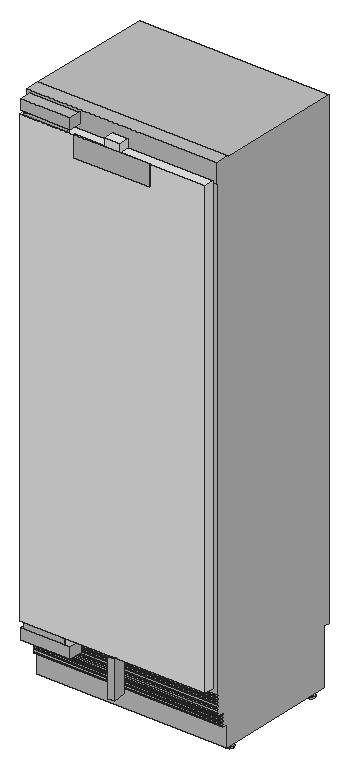
Revit family "FP_Revit_18_RS3084SLK1_Fridge_90001077A", category Specialty Equipment, Revit 2018
Family settings
  Round Connector Dimension = Use Diameter
  Part Type = Normal
  OmniClass Number = 23.40.40.11.11
  OmniClass Title = Refrigerators and Freezers
  Work Plane-Based = No
  Always vertical = Yes
  Cut with Voids When Loaded = Yes
  Shared = No
  Room Calculation Point = No
Parameters (values of type "RS3084SLHK1")
  Visibility - Water Connection = yes
  Visibility - Visibility Control Note = yes
  Visibility - Clearance Required = yes
  URL = "www.fisherpaykel.com"
  Stainless Steel Door Panels (RD3484L4D) = no
  Product - Width = 756 mm  # constant formula
  Product - Height = 2134 mm  # constant formula
  Product - Depth (exl front panel) = 610 mm  # constant formula
  Model = "RS3084SLHK1"
  Material - Handle = Fisher & Paykel - Aluminium
  Material - Door Structure = Fisher & Paykel - White
  Material - Door Front = Fisher & Paykel - Stainless Steel
  Material - Body = Fisher & Paykel - Grey
  Manufacturer = "Fisher & Paykel Appliances"
  Handle Style - Professional Square (AHV2-RD84) = no
  Handle Style - Professional Round (AHC-RD84) = no
  Handle Style - Contemporary Square (AHD3-RD84) = no
  Handle Style - Contemporary Round (AHS-RD84) = no
  Description = "30\" Integrated Column Refrigerator with internal internal water, stainless steel interior"
  Connector Description - Water = "1/4\" (6mm) comp. stainless steel braided hose"
  Connector Description - Electrical = "120 V, 10 amp fused electrical supply"
  Cavity - Width = 762 mm  # constant formula
  Cavity - Height = 2134 mm  # constant formula
  Cavity - Depth = 635 mm  # constant formula
Types (4, lengths in mm): name | Visibility - Water Connection | Model | Description | Connector Description - Water
  (no name) | yes | "RS3084SLHK1" | "30\" Integrated Column Refrigerator with internal internal water, stainless steel interior" | "1/4\" (6mm) comp. stainless steel braided hose"
  RS3084SLK1 | no | "RS3084SLK1" | "30\" Integrated Column Refrigerator with stainless steel interior" | "Water Supply not required"
  RS3084SLHK1 | yes | "RS3084SLHK1" | "30\" Integrated Column Refrigerator with internal internal water, stainless steel interior" | "1/4\" (6mm) comp. stainless steel braided hose"
  RS3084SL1 | no | "RS3084SL1" | "30\" Integrated Column Refrigerator" | "Water Supply not required"
Reference planes
  plane 1 "Datum": y = 0
  plane 2: z = 0
  plane 3 "Center (Left/Right)": x = 0
  plane 4 "Product LHS": x = -378
  plane 5 "Product RHS": x = 378
  plane 6 "Product - Depth": y = 610
  plane 7 "Cavity LHS": x = -381
  plane 8 "Cavity RHS": x = 381
  plane 9 "Cavity - Depth": y = 612.9
  plane 10 "Handle Offset": x = 315
  plane 11 "Product Height": z = 2134
  plane 12 "Cavity Height": z = 2134
  plane 13 "Door Panel Datum": y = -4.1
Forms (mm)
  Extrusion 1, solid, material "Fisher & Paykel - Grey" <- "Material - Body", detail levels fine
    sketch origin (0, 0, 0) x (0, 1, 0) y (0, 0, 1)
      loop
        line (100.1, 19.1) -> (587.9, 19.1) -> (587.9, 239.7) -> (610, 239.7) -> (610, 2131.9) -> (105.1, 2131.9) -> (105.1, 2134) -> (49.9, 2134) -> (49.9, 2059) -> (56, 2059) -> (56, 228.6) -> (59.5, 228.6) -> (59.5, 219.7) -> (56.5, 219.7) -> (56.5, 215.9) -> (59.5, 215.9) -> (59.5, 207) -> (56.5, 207) -> (56.5, 203.2) -> (59.5, 203.2) -> (59.5, 194.3) -> (56.5, 194.3) -> (56.5, 190.5) -> (59.5, 190.5) -> (59.5, 181.6) -> (56.5, 181.6) -> (56.5, 177.8) -> (59.5, 177.8) -> (59.5, 168.9) -> (56.5, 168.9) -> (56.5, 165.1) -> (59.5, 165.1) -> (59.5, 156.2) -> (56.5, 156.2) -> (56.5, 152.4) -> (84.1, 152.4) -> (84.1, 143.5) -> (81.1, 143.5) -> (81.1, 139.7) -> (84.1, 139.7) -> (84.1, 130.8) -> (81.1, 130.8) -> (81.1, 127) -> (84.1, 127) -> (84.1, 118.1) -> (81.1, 118.1) -> (81.1, 114.3) -> (84.1, 114.3) -> (84.1, 105.4) -> (81.1, 105.4) -> (81.1, 101.6) -> (100.1, 101.6) -> (100.1, 19.1)
    from -378 to 378
  Extrusion 2, solid, material "Fisher & Paykel - Grey" <- "Material - Body"
    sketch origin (0, 0, 0) x (1, 0, 0) y (0, 1, 0)
      loop
        circle (-357.5, 547.8) r 4.1
      loop
        circle (-357.5, 141.8) r 4.1
      loop
        circle (357.5, 547.8) r 4.1
      loop
        circle (357.5, 141.8) r 4.1
    from 3 to 19.1
  Extrusion 3, solid, material "Fisher & Paykel - Grey" <- "Material - Body"
    sketch origin (0, 0, 0) x (1, 0, 0) y (0, 1, 0)
      loop
        circle (-357.5, 547.8) r 14.5
      loop
        circle (-357.5, 141.8) r 14.555
      loop
        circle (357.5, 547.8) r 14.5
      loop
        circle (357.5, 141.8) r 14.555
    from 0 to 3
  Extrusion 4, solid, material "Fisher & Paykel - Grey" <- "Material - Body", detail levels fine
    sketch origin (0, 0, 0) x (1, 0, 0) y (0, 1, 0)
      loop
        line (-7.5, 49) -> (-13.797, -4.1) -> (13.797, -4.1) -> (7.5, 49) -> (-7.5, 49)
    from 104.2 to 254.2
  Extrusion 5, solid, material "Fisher & Paykel - Grey" <- "Material - Body", detail levels fine
    sketch origin (0, 0, 0) x (0, 1, 0) y (0, 0, 1)
      loop
        line (0, 2070.6) -> (0, 1988.6) -> (2, 1988.6) -> (2, 2068.6) -> (4, 2068.6) -> (4, 2070.6) -> (0, 2070.6)
    from -150 to 150
  Extrusion 6, solid, material "Fisher & Paykel - Grey" <- "Material - Body"
    sketch origin (0, 0, 0) x (1, 0, 0) y (0, 0, 1)
      loop
        circle (303, 119.813) r 5
      loop
        circle (-303, 119.813) r 5
    from -590 to -587.9
  Extrusion 7, solid, material "Fisher & Paykel - White" <- "Material - Door Structure"
    sketch origin (0, 0, 0) x (1, 0, 0) y (0, 1, 0)
      loop
        line (-353, 56) -> (-353, 42) -> (353, 42) -> (353, 56) -> (-353, 56)
    from 269.6 to 2030.7
  Extrusion 8, solid, material "Fisher & Paykel - White" <- "Material - Door Structure"
    sketch origin (0, 0, 0) x (1, 0, 0) y (0, 1, 0)
      loop
        line (-369.4, 42) -> (-369.4, 3) -> (369.4, 3) -> (369.4, 42) -> (-369.4, 42)
    from 254.2 to 2068.6
  Extrusion 9, solid, material "Fisher & Paykel - White" <- "Material - Door Structure", detail levels fine
    sketch origin (0, 0, 0) x (1, 0, 0) y (0, 0, 1)
      loop
        line (-29.5, 2100.1) -> (-29.5, 2068.6) -> (29.5, 2068.6) -> (29.5, 2100.1) -> (-29.5, 2100.1)
    from -42 to -3
  Extrusion 10, solid, material "Fisher & Paykel - Stainless Steel" <- "Material - Door Front", visible <- "Stainless Steel Door Panels (RD3484L4D)"
    sketch origin (0, 0, 0) x (0, 1, 0) y (0, 0, 1)
      loop
        line (-22.1, 2130.8) -> (-22.1, 102) -> (-4.1, 102) -> (-4.1, 2130.8) -> (-22.1, 2130.8)
    from -378 to 378
  Extrusion 11, solid, material "Fisher & Paykel - Grey" <- "Material - Body", detail levels coarse+medium
    sketch origin (0, 0, 0) x (0, 1, 0) y (0, 0, 1)
      loop
        line (49.9, 2134) -> (49.9, 2059) -> (56, 2059) -> (56, 152.4) -> (81.1, 152.4) -> (81.1, 101.6) -> (100.1, 101.6) -> (100.1, 19.1) -> (587.9, 19.1) -> (587.9, 239.7) -> (610, 239.7) -> (610, 2134) -> (49.9, 2134)
    from -378 to 378
  Extrusion 12, solid, material "Fisher & Paykel - Grey" <- "Material - Body", detail levels fine
    sketch origin (0, 0, 0) x (-1, 0, 0) y (0, 0, -1)
      loop
        line (366.4, -187.65) -> (168.42, -187.65) -> (168.42, -229.75) -> (366.4, -229.75) -> (366.4, -187.65)
    from -56 to -2.5
  Extrusion 13, solid, material "Fisher & Paykel - Grey" <- "Material - Body", detail levels fine
    sketch origin (0, 0, 0) x (-1, 0, 0) y (0, 0, -1)
      loop
        line (366.4, -2123.15) -> (366.4, -2081.05) -> (168.42, -2081.05) -> (168.42, -2123.15) -> (366.4, -2123.15)
    from -49 to -2.5
  Extrusion 14, solid, material "Fisher & Paykel - Grey" <- "Material - Body", detail levels fine
    sketch origin (0, 0, -4) x (0, 1, 0) y (0, 0, 1)
      loop
        arc (163.888, 23.1) -> (180.4, 13.63) -> (196.912, 23.1) r 19.13
        line (196.912, 23.1) -> (163.888, 23.1)
      loop
        arc (493.888, 23.1) -> (510.4, 13.63) -> (526.912, 23.1) r 19.13
        line (526.912, 23.1) -> (493.888, 23.1)
    from 191 to 219
  Extrusion 15, solid, material "Fisher & Paykel - Grey" <- "Material - Body", detail levels fine
    sketch origin (0, 0, -4) x (0, 1, 0) y (0, 0, -1)
      loop
        line (163.888, -23.1) -> (196.912, -23.1)
        arc (196.912, -23.1) -> (180.4, -13.63) -> (163.888, -23.1) r 19.13
      loop
        line (493.888, -23.1) -> (526.912, -23.1)
        arc (526.912, -23.1) -> (510.4, -13.63) -> (493.888, -23.1) r 19.13
    from 191 to 219
  Extrusion 16, solid, material "Fisher & Paykel - Clearance Required", visible <- "Visibility - Clearance Required", detail levels coarse
    sketch origin (0, 0, 0) x (1, 0, 0) y (0, 1, 0)
      loop
        line (-381, 612.9) -> (-381, -4.1) -> (381, -4.1) -> (381, 612.9) -> (-381, 612.9)
    from 0 to 2134
  Extrusion 17, void
    sketch origin (0, 0, 0) x (1, 0, 0) y (0, 1, 0)
      loop
        line (-381, 612.9) -> (-381, -22.1) -> (381, -22.1) -> (381, 612.9) -> (-381, 612.9)
    from 0 to 2134
  Extrusion 18, solid, material "Fisher & Paykel - Grey" <- "Material - Body", detail levels fine
    sketch origin (-73, 0, 0) x (-1, 0, 0) y (0, 0, -1)
      loop
        line (118.4, -254.2) -> (282.9, -254.2) -> (282.9, -229.75) -> (118.4, -229.75) -> (118.4, -254.2)
      loop
        line (106, -2081.05) -> (242.9, -2081.05) -> (282.9, -2076.05) -> (282.9, -2068.6) -> (106, -2068.6) -> (106, -2081.05)
    from -7 to -4
  Extrusion 19, solid, material "Fisher & Paykel - Clearance Required", visible <- "Visibility - Clearance Required", detail levels coarse
    sketch origin (0, 0, 0) x (-1, 0, 0) y (0, -1, 0)
      loop
        line (301.5, 22.1) -> (378, 22.1)
        arc (378, 22.1) -> (380.992, 57.074) -> (415.915, 60.616) r 27.5
        line (415.915, 60.616) -> (697.006, 665.395) -> (723.252, 653.196)
        arc (723.252, 653.196) -> (747.815, 662.136) -> (738.875, 686.699) r 18.483
        line (738.875, 686.699) -> (712.602, 698.95) -> (734.604, 746.289)
        arc (734.604, 746.289) -> (-22.015, 691.951) -> (-378, 22.1) r 783.517
        line (-378, 22.1) -> (301.5, 22.1)
    from 0 to 2134
Lines and regions (mm)
  model lines, style "Fisher & Paykel"
    curve 1: line (-378, -4.1, 2130.8) -> (378, -4.1, 2130.8)
    curve 2: line (-378, -4.1, 102) -> (-378, -4.1, 2130.8)
    curve 3: line (378, -4.1, 102) -> (-378, -4.1, 102)
    curve 4: line (378, -4.1, 2130.8) -> (378, -4.1, 102)
Text (mm)
  text "Due to ongoing product development, product details are subject to change without notice. \nPlease always refer to www.fisherpaykel.com for the most current product information. \n© Fisher & Paykel 2020" at (41.04, -848.295, 0), in view "Ref. Level (Plan)"
Dimensions and locks
  equal spacing: plane 4 "Product LHS", plane 3 "Center (Left/Right)", plane 5 "Product RHS"
  "Product - Width": plane 4 "Product LHS" to plane 5 "Product RHS"
  "Product - Depth (exl front panel)": plane 1 "Datum" to plane 6 "Product - Depth"
  equal spacing: plane 7 "Cavity LHS", plane 3 "Center (Left/Right)", plane 8 "Cavity RHS"
  "Cavity - Width": plane 7 "Cavity LHS" to plane 8 "Cavity RHS"
  plane 4 "Product LHS" to Extrusion 2 sketch curve = 24.6 mm
  plane 4 "Product LHS" to plane 10 "Handle Offset" = 693 mm
  Extrusion 6 sketch curve to Extrusion 1 = 119.887 mm  (x2)
  Extrusion 6 sketch curve to plane 5 "Product RHS" = 75 mm
  plane 4 "Product LHS" to Extrusion 6 sketch curve = 75 mm
  Extrusion 1 sketch curve to Extrusion 1 sketch curve = 82.5 mm
  Extrusion 1 sketch curve to Extrusion 1 sketch curve = 209.5 mm
  Extrusion 1 sketch curve to Extrusion 1 sketch curve = 220.6 mm
  Extrusion 3 to level = 3 mm
  Extrusion 11 to Extrusion 8 = 235.1 mm
  Extrusion 11 to Extrusion 7 = 250.5 mm
  Extrusion 11 to Extrusion 11 = 2114.9 mm
  Extrusion 11 to Extrusion 10 = 82.9 mm
  "Product - Height": level to plane 11 "Product Height"
  plane 11 "Product Height" to Extrusion 10 = 3.2 mm
  Extrusion 8 to plane 11 "Product Height" = 65.4 mm
  Extrusion 7 to plane 11 "Product Height" = 103.3 mm
  Extrusion 11 sketch curve to plane 11 "Product Height" = 75 mm
  Extrusion 1 sketch curve to plane 11 "Product Height" = 2.1 mm
  Extrusion 1 sketch curve to plane 11 "Product Height" = 75 mm
  "Cavity - Height": plane 12 "Cavity Height" to level
  plane 1 "Datum" to Extrusion 16 = 612.9 mm
  plane 1 "Datum" to Extrusion 17 = 612.9 mm
  Extrusion 18 sketch curve to Extrusion 18 sketch curve = 40 mm
  Extrusion 18 sketch curve to Extrusion 18 sketch curve = 176.9 mm
  plane 3 "Center (Left/Right)" to Extrusion 18 sketch curve = 179 mm
  plane 3 "Center (Left/Right)" to Extrusion 18 sketch curve = 191.4 mm
  plane 3 "Center (Left/Right)" to Extrusion 18 sketch curve = 355.9 mm
  plane 3 "Center (Left/Right)" to Extrusion 13 sketch curve = 168.42 mm
  plane 3 "Center (Left/Right)" to Extrusion 12 sketch curve = 168.42 mm
  plane 1 "Datum" to Extrusion 19 = 22.1 mm
  "Cavity - Depth": plane 9 "Cavity - Depth" to Extrusion 19
  plane 10 "Handle Offset" to plane 5 "Product RHS" = 63 mm
  radius of Extrusion 6 sketch curve = 5 mm
  aligned and locked: level to plane 2
  aligned and locked: Extrusion 10 to plane 5 "Product RHS"
  aligned and locked: plane 4 "Product LHS" to Extrusion 10
  aligned and locked: Extrusion 11 to plane 5 "Product RHS"
  aligned and locked: Extrusion 11 to plane 4 "Product LHS"
  aligned and locked: Extrusion 11 sketch curve to plane 11 "Product Height"
  aligned and locked: plane 11 "Product Height" to Extrusion 1 sketch curve
  aligned and locked: Extrusion 14 sketch curve to Extrusion 14 sketch curve
  aligned and locked: Extrusion 15 sketch curve to Extrusion 15 sketch curve
  aligned and locked: Extrusion 1 to plane 5 "Product RHS"
  aligned and locked: plane 4 "Product LHS" to Extrusion 1
  aligned and locked: Extrusion 11 sketch curve to Extrusion 1  (x4)
  aligned and locked: Extrusion 2 to Extrusion 1
  aligned and locked: nested 2 to plane 10 "Handle Offset"
  aligned and locked: nested 3 to plane 10 "Handle Offset"
  aligned and locked: nested 4 to plane 10 "Handle Offset"
  aligned and locked: nested 5 to plane 10 "Handle Offset"
Automatic sketch dimensions
  Extrusion 1 sketch curve to plane 6 "Product - Depth" = 0 mm
  Extrusion 1 sketch curve to Extrusion 1 sketch curve = 22.1 mm
  Extrusion 1 sketch curve to plane 1 "Datum" = 105.1 mm
  level to Extrusion 1 sketch curve = 19.1 mm
  Extrusion 1 sketch curve to plane 1 "Datum" = 100.1 mm
  Extrusion 1 sketch curve to Extrusion 1 sketch curve = 16 mm
  Extrusion 1 sketch curve to Extrusion 1 sketch curve = 0 mm  (x8)
  Extrusion 1 sketch curve to Extrusion 1 sketch curve = 3 mm  (x10)
  Extrusion 1 sketch curve to plane 1 "Datum" = 59.5 mm
  Extrusion 1 sketch curve to plane 1 "Datum" = 56 mm
  Extrusion 1 sketch curve to plane 1 "Datum" = 49.9 mm
  Extrusion 1 sketch curve to Extrusion 1 sketch curve = 3.8 mm  (x10)
  Extrusion 1 sketch curve to Extrusion 1 sketch curve = 8.9 mm  (x9)
  Extrusion 2 sketch curve to plane 4 "Product LHS" = 20.5 mm  (x2)
  plane 5 "Product RHS" to Extrusion 2 sketch curve = 20.5 mm  (x2)
  Extrusion 2 sketch curve to plane 1 "Datum" = 141.8 mm  (x2)
  Extrusion 2 sketch curve to plane 6 "Product - Depth" = 62.2 mm  (x2)
  Extrusion 3 sketch curve to plane 4 "Product LHS" = 20.5 mm  (x2)
  plane 5 "Product RHS" to Extrusion 3 sketch curve = 20.5 mm  (x2)
  Extrusion 3 sketch curve to plane 1 "Datum" = 141.8 mm  (x2)
  Extrusion 3 sketch curve to plane 6 "Product - Depth" = 62.2 mm  (x2)
  plane 1 "Datum" to Extrusion 4 sketch curve = 4.1 mm
  Extrusion 4 sketch curve to plane 3 "Center (Left/Right)" = 13.797 mm
  Extrusion 4 sketch curve to plane 3 "Center (Left/Right)" = 7.5 mm
  plane 3 "Center (Left/Right)" to Extrusion 4 sketch curve = 7.5 mm
  plane 3 "Center (Left/Right)" to Extrusion 4 sketch curve = 13.797 mm
  Extrusion 4 sketch curve to plane 1 "Datum" = 49 mm
  Extrusion 5 sketch curve to plane 1 "Datum" = 0 mm
  Extrusion 5 sketch curve to plane 1 "Datum" = 2 mm
  Extrusion 5 sketch curve to Extrusion 5 sketch curve = 2 mm  (x2)
  plane 11 "Product Height" to Extrusion 5 sketch curve = 145.4 mm
  plane 11 "Product Height" to Extrusion 5 sketch curve = 65.4 mm
  Extrusion 7 sketch curve to plane 4 "Product LHS" = 25 mm
  plane 5 "Product RHS" to Extrusion 7 sketch curve = 25 mm
  Extrusion 7 sketch curve to plane 1 "Datum" = 42 mm
  Extrusion 7 sketch curve to Extrusion 7 sketch curve = 14 mm
  Extrusion 8 sketch curve to plane 1 "Datum" = 3 mm
  Extrusion 8 sketch curve to plane 4 "Product LHS" = 8.6 mm
  plane 5 "Product RHS" to Extrusion 8 sketch curve = 8.6 mm
  Extrusion 8 sketch curve to Extrusion 8 sketch curve = 39 mm
  Extrusion 9 sketch curve to plane 3 "Center (Left/Right)" = 29.5 mm
  plane 3 "Center (Left/Right)" to Extrusion 9 sketch curve = 29.5 mm
  plane 11 "Product Height" to Extrusion 9 sketch curve = 65.4 mm
  Extrusion 9 sketch curve to Extrusion 9 sketch curve = 31.5 mm
  plane 1 "Datum" to Extrusion 10 sketch curve = 22.1 mm
  plane 1 "Datum" to Extrusion 10 sketch curve = 4.1 mm
  level to Extrusion 10 sketch curve = 102 mm
  plane 11 "Product Height" to Extrusion 10 sketch curve = 3.2 mm
  Extrusion 11 sketch curve to plane 6 "Product - Depth" = 0 mm
  Extrusion 11 sketch curve to plane 6 "Product - Depth" = 22.1 mm
  Extrusion 11 sketch curve to plane 1 "Datum" = 100.1 mm
  Extrusion 11 sketch curve to Extrusion 11 sketch curve = 19 mm
  Extrusion 11 sketch curve to plane 1 "Datum" = 56 mm
  Extrusion 11 sketch curve to plane 1 "Datum" = 49.9 mm
  Extrusion 11 sketch curve to Extrusion 11 sketch curve = 50.8 mm
  plane 4 "Product LHS" to Extrusion 12 sketch curve = 11.6 mm
  Extrusion 12 sketch curve to level = 187.65 mm
  Extrusion 12 sketch curve to Extrusion 12 sketch curve = 42.1 mm
  plane 4 "Product LHS" to Extrusion 13 sketch curve = 11.6 mm
  Extrusion 13 sketch curve to plane 11 "Product Height" = 52.95 mm
  Extrusion 13 sketch curve to plane 11 "Product Height" = 10.85 mm
  level to Extrusion 14 sketch curve = 19.1 mm
  Extrusion 14 sketch curve to plane 1 "Datum" = 163.888 mm
  Extrusion 14 sketch curve to Extrusion 14 sketch curve = 16.512 mm  (x2)
  Extrusion 14 sketch curve to plane 6 "Product - Depth" = 116.112 mm
  Extrusion 14 sketch curve to Extrusion 14 sketch curve = 9.66 mm  (x2)
  level to Extrusion 15 sketch curve = 19.1 mm
  Extrusion 15 sketch curve to plane 1 "Datum" = 163.888 mm
  Extrusion 15 sketch curve to Extrusion 15 sketch curve = 16.512 mm  (x2)
  Extrusion 15 sketch curve to plane 6 "Product - Depth" = 116.112 mm
  Extrusion 15 sketch curve to Extrusion 15 sketch curve = 9.66 mm  (x2)
  Extrusion 16 sketch curve to plane 7 "Cavity LHS" = 0 mm
  Extrusion 16 sketch curve to plane 8 "Cavity RHS" = 0 mm
  Extrusion 16 sketch curve to plane 9 "Cavity - Depth" = 0 mm
  plane 1 "Datum" to Extrusion 16 sketch curve = 4.1 mm
  Extrusion 17 sketch curve to plane 7 "Cavity LHS" = 0 mm
  Extrusion 17 sketch curve to plane 8 "Cavity RHS" = 0 mm
  plane 9 "Cavity - Depth" to Extrusion 17 sketch curve = 0 mm
  plane 1 "Datum" to Extrusion 17 sketch curve = 22.1 mm
  Extrusion 18 sketch curve to level = 229.75 mm
  Extrusion 18 sketch curve to Extrusion 18 sketch curve = 24.45 mm
  Extrusion 18 sketch curve to plane 11 "Product Height" = 65.4 mm
  Extrusion 18 sketch curve to Extrusion 18 sketch curve = 7.45 mm
  Extrusion 18 sketch curve to Extrusion 18 sketch curve = 5 mm
  Extrusion 19 sketch curve to plane 5 "Product RHS" = 0 mm
  Extrusion 19 sketch curve to plane 1 "Datum" = 22.1 mm
  plane 4 "Product LHS" to Extrusion 19 sketch curve = 76.5 mm
  plane 4 "Product LHS" to Extrusion 19 sketch curve = 0 mm
  Extrusion 19 sketch curve to plane 7 "Cavity LHS" = 19.59 mm
  Extrusion 19 sketch curve to Extrusion 19 sketch curve = 4.816 mm
  Extrusion 19 sketch curve to Extrusion 19 sketch curve = 10.509 mm
  Extrusion 19 sketch curve to plane 7 "Cavity LHS" = 316.006 mm
  Extrusion 19 sketch curve to Extrusion 19 sketch curve = 15.596 mm
  Extrusion 19 sketch curve to Extrusion 19 sketch curve = 26.246 mm
  Extrusion 19 sketch curve to Extrusion 19 sketch curve = 7.811 mm  (x2)
  Extrusion 19 sketch curve to Extrusion 19 sketch curve = 22.003 mm
  Extrusion 19 sketch curve to Extrusion 19 sketch curve = 13.185 mm
  Extrusion 19 sketch curve to Extrusion 19 sketch curve = 2.497 mm
  Extrusion 19 sketch curve to Extrusion 19 sketch curve = 93.093 mm
  Extrusion 19 sketch curve to Extrusion 19 sketch curve = 16.751 mm
  Extrusion 19 sketch curve to Extrusion 19 sketch curve = 12.251 mm
  plane 5 "Product RHS" to curve 1 = 0 mm
  plane 4 "Product LHS" to curve 3 = 0 mm
  level to curve 3 = 102 mm
  plane 11 "Product Height" to curve 2 = 3.2 mm
  radius of Extrusion 2 sketch curve = 4.1 mm  (x3)
  radius of Extrusion 3 sketch curve = 14.5 mm  (x2)
  radius of Extrusion 3 sketch curve = 14.555 mm  (x2)
  radius of Extrusion 6 sketch curve = 5 mm
Nested families
  nested 1: "Visibility Control Note 18" at (0, 0, 0), visible <- "Visibility - Visibility Control Note", type "Visibility Control Note 18"
  nested 2: "Handle Contemporary Round - Vertical" at (315, -22.1, 1242.58), visible <- "Handle Style - Contemporary Round (AHS-RD84)", type "AHS-RD84 - Contemporary round handle (Vertical) 852mm"
  nested 3: "Handle Contemporary Square - Vertical" at (315, -22.1, 1242.58), visible <- "Handle Style - Contemporary Square (AHD3-RD84)", type "AHD3-RD84 - Contemporary square handle (Vertical) 852mm"
  nested 4: "Handle Professional Round - Vertical" at (315, -22.1, 1242.58), visible <- "Handle Style - Professional Round (AHC-RD84)", type "AHC-RD84 - Professional round handle (Vertical) 786mm"
  nested 5: "Handle Professional Square - Vertical" at (315, -22.1, 1242.58), visible <- "Handle Style - Professional Square (AHV2-RD84)", type "AHV2-RD84 - Professional square handle (Vertical) 792mm"
Connectors
  electrical at (-303, 590, 119.813), driven by "Connector Description - Electrical"
    settings: on Extrusion 6, index 1, voltage 120 V, apparent load 0 VA, apparent load phase1 0 VA, apparent load phase2 0 VA, apparent load phase3 0 VA, power factor 1, load classification "Other", number of poles 1, system type 30, power factor state 1, is connector primary yes, connector utility no, sub classification motor no, connector description "120 V, 10 amp fused electrical supply"
  piping at (303, 590, 119.813), diameter 12.7, driven by "Visibility - Water Connection", driven by "Connector Description - Water"
    settings: on Extrusion 6, index 2, connector inside diameter 609.6 mm, connector length 0 mm, flow factor 0, pipe flow 0.0 L/s, pressure drop 0.0 Pa, fitting loss kfactor 0, connector angle 0.00°, fixture units 0, engagement length 0 mm, angle of deflection 0.00°, flow configuration 0, flow direction 1, fitting loss method 0, system type 20, joint type 0, gender type 0, connector reference index -1, connector utility 1, adjustable connector no, is connector primary yes, connector description "1/4\" (6mm) comp. stainless steel braided hose"
Definition of nested family "Handle Contemporary Round - Vertical"
  Parameters (values of type "AHSRS80A - Contemporary round handle (1 of 2) (Vertical) 727mm")
    URL = "www.fisherpaykel.com"
    Material - Handle = none
    Manufacturer = "Fisher & Paykel Appliances"
    Handle - Length = 727 mm
  Types (6, lengths in mm): name | Handle - Length
    AHS-RD21 - Contemporary round handle (Vertical) 852mm | 852
    AHSRD2484W - Contemporary round handle (1 of 2) (Vertical) 727mm | 727
    AHSRD3084W - Contemporary round handle (1 of 2) (Vertical) 727mm | 727
    AHS-RD84 - Contemporary round handle (Vertical) 852mm | 852
    AHSRS3272A - Contemporary round handle (1 of 2) (Vertical) 727mm | 727
    AHSRS80A - Contemporary round handle (1 of 2) (Vertical) 727mm | 727
  Reference planes
    plane 1 "Center (Front/Back)": y = 0
    plane 2: z = 0
    plane 3 "Center (Left/Right)": x = 0
    plane 4 "Top": z = 363.5
    plane 5 "Bottom": z = -363.5
    plane 6 "Top Standoff": z = 243.5
    plane 7 "Bottom Standoff": z = -243.5
  Forms (mm)
    Extrusion 1, solid, material <- "Material - Handle"
      sketch origin (0, 0, 0) x (1, 0, 0) y (0, 1, 0)
        loop
          circle (0, -32.3) r 8.7
      from -243.5 to 243.5
    Extrusion 2, solid, material <- "Material - Handle", detail levels fine
      sketch origin (0, 0, 0) x (1, 0, 0) y (0, 1, 0)
        loop
          line (-8.7, 0) -> (-8.7, -32.3)
          arc (-8.7, -32.3) -> (0, -41) -> (8.7, -32.3) r 8.7
          line (8.7, -32.3) -> (8.7, 0) -> (-8.7, 0)
      from 243.5 to 363.5
    Extrusion 3, solid, material <- "Material - Handle", detail levels fine
      sketch origin (0, 0, 0) x (1, 0, 0) y (0, 1, 0)
        loop
          line (-8.7, 0) -> (-8.7, -32.3)
          arc (-8.7, -32.3) -> (0, -41) -> (8.7, -32.3) r 8.7
          line (8.7, -32.3) -> (8.7, 0) -> (-8.7, 0)
      from -363.5 to -243.5
    Sweep 4, void
      path in 3D
        loop
          line (8.7, 0, -363.5) -> (8.7, -32.3, -363.5)
          arc (8.7, -32.3, -363.5) -> (0, -41, -363.5) -> (-8.7, -32.3, -363.5) r 8.7
          line (-8.7, -32.3, -363.5) -> (-8.7, 0, -363.5)
      profile origin (8.7, -16.15, -363.5) x (-1, 0, 0) y (0, 0, -1)
        loop
          line (0, 0) -> (0, -1) -> (1, 0) -> (0, 0)
    Sweep 5, void
      path in 3D
        loop
          line (-8.7, 0, 363.5) -> (-8.7, -32.3, 363.5)
          arc (-8.7, -32.3, 363.5) -> (0, -41, 363.5) -> (8.7, -32.3, 363.5) r 8.7
          line (8.7, -32.3, 363.5) -> (8.7, 0, 363.5)
      profile origin (8.7, -16.15, 363.5) x (-1, 0, 0) y (0, 0, 1)
        loop
          line (0, 0) -> (0, -1) -> (1, 0) -> (0, 0)
    Extrusion 6, solid, material <- "Material - Handle", detail levels coarse+medium
      sketch origin (0, 0, 0) x (1, 0, 0) y (0, 1, 0)
        loop
          line (-8.7, 0) -> (-8.7, -32.3)
          arc (-8.7, -32.3) -> (0, -41) -> (8.7, -32.3) r 8.7
          line (8.7, -32.3) -> (8.7, 0) -> (-8.7, 0)
      from 243.5 to 363.5
    Extrusion 7, solid, material <- "Material - Handle", detail levels coarse+medium
      sketch origin (0, 0, 0) x (1, 0, 0) y (0, 1, 0)
        loop
          line (-8.7, 0) -> (-8.7, -32.3)
          arc (-8.7, -32.3) -> (0, -41) -> (8.7, -32.3) r 8.7
          line (8.7, -32.3) -> (8.7, 0) -> (-8.7, 0)
      from -363.5 to -243.5
  Cuts and joins
    Sweep 4 cuts Extrusion 3
    Sweep 5 cuts Extrusion 2
  Lines and regions (mm)
    sketch lines
      curve 1: line (8.7, 0, -363.5) -> (8.7, -32.3, -363.5)
      curve 2: arc (-8.7, -32.3, -363.5) -> (0, -41, -363.5) -> (8.7, -32.3, -363.5) r 8.7
      curve 3: line (-8.7, -32.3, -363.5) -> (-8.7, 0, -363.5)
      curve 4: line (8.7, -32.3, 363.5) -> (8.7, 0, 363.5)
      curve 5: arc (8.7, -32.3, 363.5) -> (0, -41, 363.5) -> (-8.7, -32.3, 363.5) r 8.7
      curve 6: line (-8.7, 0, 363.5) -> (-8.7, -32.3, 363.5)
  Dimensions and locks
    equal spacing: plane 4 "Top", level, plane 5 "Bottom"
    "Handle - Length": plane 4 "Top" to plane 5 "Bottom"
    locked: plane 4 "Top" to plane 6 "Top Standoff" at 120
    locked: plane 7 "Bottom Standoff" to plane 5 "Bottom" at 120
    Extrusion 2 sketch curve to Extrusion 2 sketch curve = 17.4 mm
    Extrusion 3 sketch curve to Extrusion 3 sketch curve = 17.4 mm
    Extrusion 6 sketch curve to Extrusion 6 sketch curve = 17.4 mm
    Extrusion 7 sketch curve to Extrusion 7 sketch curve = 17.4 mm
    aligned and locked: level to plane 2
    aligned and locked: plane 4 "Top" to Extrusion 2
    aligned and locked: Extrusion 3 to plane 5 "Bottom"
    aligned and locked: plane 7 "Bottom Standoff" to Extrusion 3
    aligned and locked: Extrusion 1 to plane 7 "Bottom Standoff"
    aligned and locked: plane 6 "Top Standoff" to Extrusion 1
    aligned and locked: Extrusion 2 to Extrusion 1
    aligned and locked: Extrusion 6 to Extrusion 1
    aligned and locked: plane 4 "Top" to Extrusion 6
    aligned and locked: Extrusion 7 to Extrusion 1
    aligned and locked: Extrusion 7 to plane 5 "Bottom"
  Automatic sketch dimensions
    Extrusion 1 sketch curve to plane 3 "Center (Left/Right)" = 0 mm
    plane 1 "Center (Front/Back)" to Extrusion 1 sketch curve = 32.3 mm
    plane 1 "Center (Front/Back)" to Extrusion 2 sketch curve = 0 mm
    Extrusion 2 sketch curve to plane 3 "Center (Left/Right)" = 0 mm
    Extrusion 2 sketch curve to plane 3 "Center (Left/Right)" = 8.7 mm
    plane 1 "Center (Front/Back)" to Extrusion 2 sketch curve = 32.3 mm
    plane 1 "Center (Front/Back)" to Extrusion 3 sketch curve = 0 mm
    Extrusion 3 sketch curve to plane 3 "Center (Left/Right)" = 0 mm
    Extrusion 3 sketch curve to plane 3 "Center (Left/Right)" = 8.7 mm
    plane 1 "Center (Front/Back)" to Extrusion 3 sketch curve = 32.3 mm
    Sweep 4 sketch curve to profile plane = 0 mm  (x2)
    Sweep 4 sketch curve to profile plane = 1 mm  (x2)
    Sweep 5 sketch curve to profile plane = 0 mm  (x2)
    Sweep 5 sketch curve to profile plane = 1 mm  (x2)
    Extrusion 6 sketch curve to plane 3 "Center (Left/Right)" = 0 mm
    Extrusion 6 sketch curve to plane 3 "Center (Left/Right)" = 8.7 mm
    plane 1 "Center (Front/Back)" to Extrusion 6 sketch curve = 32.3 mm
    Extrusion 6 sketch curve to Extrusion 6 sketch curve = 32.3 mm
    Extrusion 7 sketch curve to plane 3 "Center (Left/Right)" = 0 mm
    Extrusion 7 sketch curve to plane 3 "Center (Left/Right)" = 8.7 mm
    plane 1 "Center (Front/Back)" to Extrusion 7 sketch curve = 32.3 mm
    Extrusion 7 sketch curve to Extrusion 7 sketch curve = 32.3 mm
    radius of Extrusion 1 sketch curve = 8.7 mm
Definition of nested family "Handle Contemporary Square - Vertical"
  Parameters (values of type "AHD3RS80A - Contemporary square handle (1 of 2) (Vertical) 727mm")
    URL = "www.fisherpaykel.com"
    Material - Handle = none
    Manufacturer = "Fisher & Paykel Appliances"
    Handle - Length = 727 mm
  Types (7, lengths in mm): name | Handle - Length
    (no name) | 727
    AHD3-RD21 - Contemporary square handle (Vertical) 852mm | 852
    AHD3RD2484W - Contemporary square handle (1 of 2) (Vertical) 727mm | 727
    AHD3RD3084W - Contemporary square handle (1 of 2) (Vertical) 727mm | 727
    AHD3-RD84 - Contemporary square handle (Vertical) 852mm | 852
    AHD3RS3272A - Contemporary square handle (1 of 2) (Vertical) 727mm | 727
    AHD3RS80A - Contemporary square handle (1 of 2) (Vertical) 727mm | 727
  Reference planes
    plane 1 "Center (Front/Back)": y = 0
    plane 2: z = 0
    plane 3 "Center (Left/Right)": x = 0
    plane 4 "Top": z = 363.5
    plane 5 "Bottom": z = -363.5
    plane 6 "Top Standoff": z = 243.5
    plane 7 "Bottom Standoff": z = -243.5
  Forms (mm)
    Extrusion 1, solid, material <- "Material - Handle", detail levels fine
      sketch origin (0, 0, 0) x (1, 0, 0) y (0, 1, 0)
        loop
          arc (-7.583, -28.701) -> (-7.89, -29.057) -> (-8, -29.514) r 1
          line (-8, -29.514) -> (-8, -40.5)
          arc (-8, -40.5) -> (-7.561, -41.561) -> (-6.5, -42) r 1.5
          line (-6.5, -42) -> (6.5, -42)
          arc (6.5, -42) -> (7.561, -41.561) -> (8, -40.5) r 1.5
          line (8, -40.5) -> (8, -29.487)
          arc (8, -29.487) -> (7.889, -29.029) -> (7.58, -28.673) r 1
          arc (7.58, -28.673) -> (-0.006, -26.256) -> (-7.583, -28.701) r 13.038
      from -363.5 to 363.5
    Extrusion 2, solid, material <- "Material - Handle", detail levels fine
      sketch origin (0, 0, 0) x (1, 0, 0) y (0, 1, 0)
        loop
          arc (7.058, -28.23) -> (7.466, -28.244) -> (7.674, -27.893) r 0.4
          line (7.674, -27.893) -> (7.674, 0) -> (-7.674, 0) -> (-7.674, -27.86)
          arc (-7.674, -27.86) -> (-7.467, -28.21) -> (-7.06, -28.198) r 0.4
          arc (-7.06, -28.198) -> (0.004, -26.156) -> (7.058, -28.23) r 13.136
      from 243.5 to 363.5
    Extrusion 3, solid, material <- "Material - Handle", detail levels fine
      sketch origin (0, 0, 0) x (1, 0, 0) y (0, 1, 0)
        loop
          arc (7.058, -28.23) -> (7.466, -28.244) -> (7.674, -27.893) r 0.4
          line (7.674, -27.893) -> (7.674, 0) -> (-7.674, 0) -> (-7.674, -27.86)
          arc (-7.674, -27.86) -> (-7.467, -28.21) -> (-7.06, -28.198) r 0.4
          arc (-7.06, -28.198) -> (0.004, -26.156) -> (7.058, -28.23) r 13.136
      from -363.5 to -243.5
    Sweep 4, void
      path in 3D
        loop
          line (-8, -29.514, 363.5) -> (-8, -40.5, 363.5)
          arc (-8, -40.5, 363.5) -> (-7.561, -41.561, 363.5) -> (-6.5, -42, 363.5) r 1.5
          line (-6.5, -42, 363.5) -> (6.5, -42, 363.5)
          arc (6.5, -42, 363.5) -> (7.561, -41.561, 363.5) -> (8, -40.5, 363.5) r 1.5
          line (8, -40.5, 363.5) -> (8, -29.487, 363.5)
      profile origin (8, -34.994, 363.5) x (-1, 0, 0) y (0, 0, 1)
        loop
          line (0, 0) -> (0, -1.3) -> (1.3, 0) -> (0, 0)
    Sweep 5, void
      path in 3D
        loop
          line (8, -29.487, -363.5) -> (8, -40.5, -363.5)
          arc (8, -40.5, -363.5) -> (7.561, -41.561, -363.5) -> (6.5, -42, -363.5) r 1.5
          line (6.5, -42, -363.5) -> (-6.5, -42, -363.5)
          arc (-6.5, -42, -363.5) -> (-7.561, -41.561, -363.5) -> (-8, -40.5, -363.5) r 1.5
          line (-8, -40.5, -363.5) -> (-8, -29.514, -363.5)
      profile origin (8, -34.994, -363.5) x (-1, 0, 0) y (0, 0, -1)
        loop
          line (0, 0) -> (0, -1.3) -> (1.3, 0) -> (0, 0)
    Extrusion 6, void
      sketch origin (0, 0, 0) x (1, 0, 0) y (0, 0, 1)
        loop
          line (-8, -362.2) -> (-8, -363.5) -> (-6.7, -363.5) -> (-8, -362.2)
        loop
          line (8, -362.2) -> (6.7, -363.5) -> (8, -363.5) -> (8, -362.2)
      from 0 to 40
    Extrusion 7, void
      sketch origin (0, 0, 0) x (1, 0, 0) y (0, 0, 1)
        loop
          line (-8, 363.5) -> (-8, 362.2) -> (-6.7, 363.5) -> (-8, 363.5)
        loop
          line (8, 363.5) -> (6.7, 363.5) -> (8, 362.2) -> (8, 363.5)
      from 0 to 40
    Extrusion 8, solid, material <- "Material - Handle", detail levels coarse+medium
      sketch origin (0, 0, 0) x (0, 1, 0) y (0, 0, 1)
        loop
          line (0, 363.5) -> (-42, 363.5) -> (-42, -363.5) -> (0, -363.5) -> (0, -243.5) -> (-26.245, -243.5) -> (-26.245, 243.5) -> (0, 243.5) -> (0, 363.5)
      from -8 to 8
  Cuts and joins
    Sweep 4, Sweep 5, Extrusion 6, Extrusion 7 cuts Extrusion 1
    Extrusion 6 cuts Extrusion 3
    Extrusion 7 cuts Extrusion 2
  Lines and regions (mm)
    sketch lines
      curve 1: line (8, -40.5, 363.5) -> (8, -29.487, 363.5)
      curve 2: arc (8, -40.5, 363.5) -> (7.561, -41.561, 363.5) -> (6.5, -42, 363.5) r 1.5
      curve 3: line (-6.5, -42, 363.5) -> (6.5, -42, 363.5)
      curve 4: arc (-6.5, -42, 363.5) -> (-7.561, -41.561, 363.5) -> (-8, -40.5, 363.5) r 1.5
      curve 5: line (-8, -29.514, 363.5) -> (-8, -40.5, 363.5)
      curve 6: line (8, -29.487, -363.5) -> (8, -40.5, -363.5)
      curve 7: arc (6.5, -42, -363.5) -> (7.561, -41.561, -363.5) -> (8, -40.5, -363.5) r 1.5
      curve 8: line (6.5, -42, -363.5) -> (-6.5, -42, -363.5)
      curve 9: arc (-8, -40.5, -363.5) -> (-7.561, -41.561, -363.5) -> (-6.5, -42, -363.5) r 1.5
      curve 10: line (-8, -40.5, -363.5) -> (-8, -29.514, -363.5)
  Dimensions and locks
    equal spacing: plane 4 "Top", level, plane 5 "Bottom"
    "Handle - Length": plane 4 "Top" to plane 5 "Bottom"
    locked: plane 4 "Top" to plane 6 "Top Standoff" at 120
    locked: plane 7 "Bottom Standoff" to plane 5 "Bottom" at 120
    aligned and locked: level to plane 2
    aligned and locked: plane 4 "Top" to Extrusion 2
    aligned and locked: Extrusion 2 to plane 6 "Top Standoff"
    aligned and locked: plane 4 "Top" to Extrusion 1
    aligned and locked: Extrusion 1 to plane 5 "Bottom"
    aligned and locked: Extrusion 3 to plane 5 "Bottom"
    aligned and locked: plane 7 "Bottom Standoff" to Extrusion 3
    aligned and locked: plane 4 "Top" to Extrusion 8 sketch curve
    aligned and locked: plane 6 "Top Standoff" to Extrusion 8 sketch curve
    aligned and locked: plane 7 "Bottom Standoff" to Extrusion 8 sketch curve
    aligned and locked: plane 5 "Bottom" to Extrusion 8 sketch curve
    aligned and locked: plane 1 "Center (Front/Back)" to Extrusion 8 sketch curve  (x2)
  Automatic sketch dimensions
    Extrusion 1 sketch curve to plane 3 "Center (Left/Right)" = 8 mm
    Extrusion 1 sketch curve to Extrusion 1 sketch curve = 1 mm  (x2)
    Extrusion 1 sketch curve to Extrusion 1 sketch curve = 1.5 mm
    plane 3 "Center (Left/Right)" to Extrusion 1 sketch curve = 0.018 mm
    plane 3 "Center (Left/Right)" to Extrusion 1 sketch curve = 6.5 mm
    plane 3 "Center (Left/Right)" to Extrusion 1 sketch curve = 7 mm
    plane 1 "Center (Front/Back)" to Extrusion 1 sketch curve = 42 mm
    Extrusion 1 sketch curve to Extrusion 1 sketch curve = 1.206 mm
    Extrusion 1 sketch curve to Extrusion 1 sketch curve = 10.986 mm
    Extrusion 1 sketch curve to Extrusion 1 sketch curve = 11.013 mm
    Extrusion 1 sketch curve to Extrusion 1 sketch curve = 0 mm
    plane 1 "Center (Front/Back)" to Extrusion 2 sketch curve = 0 mm
    Extrusion 2 sketch curve to plane 3 "Center (Left/Right)" = 7.674 mm
    Extrusion 2 sketch curve to Extrusion 2 sketch curve = 0.4 mm  (x2)
    Extrusion 2 sketch curve to plane 3 "Center (Left/Right)" = 0.026 mm
    plane 3 "Center (Left/Right)" to Extrusion 2 sketch curve = 7.274 mm
    plane 1 "Center (Front/Back)" to Extrusion 2 sketch curve = 27.86 mm
    Extrusion 2 sketch curve to Extrusion 2 sketch curve = 0.033 mm
    Extrusion 2 sketch curve to Extrusion 2 sketch curve = 11.398 mm
    Extrusion 2 sketch curve to Extrusion 2 sketch curve = 0 mm
    plane 1 "Center (Front/Back)" to Extrusion 3 sketch curve = 0 mm
    Extrusion 3 sketch curve to Extrusion 3 sketch curve = 0.4 mm  (x2)
    Extrusion 3 sketch curve to Extrusion 3 sketch curve = 7.248 mm
    Extrusion 3 sketch curve to Extrusion 3 sketch curve = 7.3 mm
    plane 1 "Center (Front/Back)" to Extrusion 3 sketch curve = 27.86 mm
    Extrusion 3 sketch curve to Extrusion 3 sketch curve = 0.033 mm
    Extrusion 3 sketch curve to Extrusion 3 sketch curve = 11.398 mm
    Extrusion 3 sketch curve to Extrusion 3 sketch curve = 0 mm
    Sweep 4 sketch curve to profile plane = 0 mm  (x2)
    Sweep 4 sketch curve to profile plane = 1.3 mm  (x2)
    Sweep 5 sketch curve to profile plane = 0 mm  (x2)
    Sweep 5 sketch curve to profile plane = 1.3 mm  (x2)
    Extrusion 6 sketch curve to plane 5 "Bottom" = 0 mm  (x2)
    plane 5 "Bottom" to Extrusion 6 sketch curve = 1.3 mm  (x2)
    Extrusion 6 sketch curve to plane 3 "Center (Left/Right)" = 8 mm
    Extrusion 6 sketch curve to Extrusion 6 sketch curve = 1.3 mm  (x2)
    plane 3 "Center (Left/Right)" to Extrusion 6 sketch curve = 8 mm
    Extrusion 7 sketch curve to plane 4 "Top" = 0 mm  (x2)
    Extrusion 7 sketch curve to plane 3 "Center (Left/Right)" = 8 mm
    Extrusion 7 sketch curve to Extrusion 7 sketch curve = 1.3 mm  (x2)
    plane 3 "Center (Left/Right)" to Extrusion 7 sketch curve = 8 mm
    Extrusion 7 sketch curve to plane 4 "Top" = 1.3 mm  (x2)
    plane 1 "Center (Front/Back)" to Extrusion 8 sketch curve = 26.245 mm
    plane 1 "Center (Front/Back)" to Extrusion 8 sketch curve = 42 mm
    Extrusion 3 sketch curve to plane 3 "Center (Left/Right)" = 7.674 mm
Definition of nested family "Handle Professional Round - Vertical"
  Parameters (values of type "AHCRD2484W - Professional round handle (1 of 2) (Vertical) 661mm")
    URL = "www.fisherpaykel.com"
    Material - Standoff = none
    Material - Handle = none
    Manufacturer = "Fisher & Paykel Appliances"
    Handle - Length = 661 mm
  Types (5, lengths in mm): name | Handle - Length
    (no name) | 661
    AHCRD2484W - Professional round handle (1 of 2) (Vertical) 661mm | 661
    AHCRD3084W - Professional round handle (1 of 2) (Vertical) 661mm | 661
    AHC-RD84 - Professional round handle (Vertical) 786mm | 786
    AHCRS3272A - Professional round handle (1 of 2) (Vertical) 661mm | 661
  Reference planes
    plane 1 "Center (Front/Back)": y = 0
    plane 2: z = 0
    plane 3 "Center (Left/Right)": x = 0
    plane 4 "Top": z = 330.5
    plane 5 "Bottom": z = -330.5
    plane 6 "Top Standoff": z = 286.5
    plane 7 "Bottom Standoff": z = -286.5
  Forms (mm)
    Extrusion 1, solid, material <- "Material - Standoff", detail levels fine
      sketch origin (0, 0, 0) x (1, 0, 0) y (0, 1, 0)
        loop
          line (-18.5, 0) -> (-18.5, -39.4)
          arc (-18.5, -39.4) -> (0, -57.9) -> (18.5, -39.4) r 18.5
          line (18.5, -39.4) -> (18.5, 0) -> (-18.5, 0)
      from 286.5 to 330.5
    Extrusion 2, solid, material <- "Material - Standoff", detail levels fine
      sketch origin (0, 0, 0) x (1, 0, 0) y (0, 1, 0)
        loop
          line (-18.5, 0) -> (-18.5, -39.4)
          arc (-18.5, -39.4) -> (0, -57.9) -> (18.5, -39.4) r 18.5
          line (18.5, -39.4) -> (18.5, 0) -> (-18.5, 0)
      from -330.5 to -286.5
    Extrusion 3, solid, material <- "Material - Handle"
      sketch origin (0, 0, 0) x (1, 0, 0) y (0, 1, 0)
        loop
          circle (0, -39.4) r 12.7
      from -286.5 to 286.5
    Sweep 4, void
      path in 3D
        loop
          line (-18.5, 0, 330.5) -> (-18.5, -39.4, 330.5)
          arc (-18.5, -39.4, 330.5) -> (0, -57.9, 330.5) -> (18.5, -39.4, 330.5) r 18.5
          line (18.5, -39.4, 330.5) -> (18.5, 0, 330.5)
      profile origin (18.5, -19.7, 330.5) x (-1, 0, 0) y (0, 0, 1)
        loop
          line (0, 0) -> (0, -3) -> (3, 0) -> (0, 0)
    Sweep 5, void
      path in 3D
        loop
          line (18.5, 0, -330.5) -> (18.5, -39.4, -330.5)
          arc (18.5, -39.4, -330.5) -> (0, -57.9, -330.5) -> (-18.5, -39.4, -330.5) r 18.5
          line (-18.5, -39.4, -330.5) -> (-18.5, 0, -330.5)
      profile origin (18.5, -19.7, -330.5) x (-1, 0, 0) y (0, 0, -1)
        loop
          line (0, 0) -> (0, -3) -> (3, 0) -> (0, 0)
    Extrusion 6, solid, material <- "Material - Standoff", detail levels coarse+medium
      sketch origin (0, 0, 0) x (1, 0, 0) y (0, 1, 0)
        loop
          line (-18.5, 0) -> (-18.5, -39.4)
          arc (-18.5, -39.4) -> (0, -57.9) -> (18.5, -39.4) r 18.5
          line (18.5, -39.4) -> (18.5, 0) -> (-18.5, 0)
      from 286.5 to 330.5
    Extrusion 7, solid, material <- "Material - Standoff", detail levels coarse+medium
      sketch origin (0, 0, 0) x (1, 0, 0) y (0, 1, 0)
        loop
          line (-18.5, 0) -> (-18.5, -39.4)
          arc (-18.5, -39.4) -> (0, -57.9) -> (18.5, -39.4) r 18.5
          line (18.5, -39.4) -> (18.5, 0) -> (-18.5, 0)
      from -330.5 to -286.5
  Cuts and joins
    Sweep 4 cuts Extrusion 1
    Sweep 5 cuts Extrusion 2
  Lines and regions (mm)
    sketch lines
      curve 1: line (18.5, -39.4, 330.5) -> (18.5, 0, 330.5)
      curve 2: arc (18.5, -39.4, 330.5) -> (0, -57.9, 330.5) -> (-18.5, -39.4, 330.5) r 18.5
      curve 3: line (-18.5, 0, 330.5) -> (-18.5, -39.4, 330.5)
      curve 4: line (18.5, 0, -330.5) -> (18.5, -39.4, -330.5)
      curve 5: arc (-18.5, -39.4, -330.5) -> (0, -57.9, -330.5) -> (18.5, -39.4, -330.5) r 18.5
      curve 6: line (-18.5, -39.4, -330.5) -> (-18.5, 0, -330.5)
  Dimensions and locks
    equal spacing: plane 4 "Top", level, plane 5 "Bottom"
    "Handle - Length": plane 4 "Top" to plane 5 "Bottom"
    plane 4 "Top" to plane 6 "Top Standoff" = 44 mm
    plane 7 "Bottom Standoff" to plane 5 "Bottom" = 44 mm
    aligned and locked: level to plane 2
    aligned and locked: plane 4 "Top" to Extrusion 1
    aligned and locked: Extrusion 1 to plane 6 "Top Standoff"
    aligned and locked: Extrusion 2 to plane 5 "Bottom"
    aligned and locked: plane 7 "Bottom Standoff" to Extrusion 2
    aligned and locked: plane 6 "Top Standoff" to Extrusion 3
    aligned and locked: Extrusion 3 to plane 7 "Bottom Standoff"
    aligned and locked: plane 4 "Top" to Extrusion 6
    aligned and locked: Extrusion 7 to plane 5 "Bottom"
    aligned and locked: plane 7 "Bottom Standoff" to Extrusion 7
    aligned and locked: Extrusion 6 to plane 6 "Top Standoff"
  Automatic sketch dimensions
    plane 1 "Center (Front/Back)" to Extrusion 1 sketch curve = 0 mm
    Extrusion 1 sketch curve to plane 3 "Center (Left/Right)" = 0 mm
    Extrusion 1 sketch curve to plane 3 "Center (Left/Right)" = 18.5 mm
    plane 1 "Center (Front/Back)" to Extrusion 1 sketch curve = 39.4 mm
    plane 1 "Center (Front/Back)" to Extrusion 2 sketch curve = 0 mm
    Extrusion 2 sketch curve to plane 3 "Center (Left/Right)" = 0 mm
    Extrusion 2 sketch curve to plane 3 "Center (Left/Right)" = 18.5 mm
    plane 1 "Center (Front/Back)" to Extrusion 2 sketch curve = 39.4 mm
    Extrusion 3 sketch curve to plane 3 "Center (Left/Right)" = 0 mm
    plane 1 "Center (Front/Back)" to Extrusion 3 sketch curve = 39.4 mm
    Sweep 4 sketch curve to profile plane = 0 mm  (x2)
    Sweep 4 sketch curve to profile plane = 3 mm  (x2)
    Sweep 5 sketch curve to profile plane = 0 mm  (x2)
    Sweep 5 sketch curve to profile plane = 3 mm  (x2)
    Extrusion 6 sketch curve to plane 3 "Center (Left/Right)" = 0 mm
    Extrusion 6 sketch curve to plane 3 "Center (Left/Right)" = 18.5 mm
    plane 1 "Center (Front/Back)" to Extrusion 6 sketch curve = 39.4 mm
    Extrusion 6 sketch curve to Extrusion 6 sketch curve = 39.4 mm
    Extrusion 7 sketch curve to plane 3 "Center (Left/Right)" = 0 mm
    Extrusion 7 sketch curve to plane 3 "Center (Left/Right)" = 18.5 mm
    plane 1 "Center (Front/Back)" to Extrusion 7 sketch curve = 39.4 mm
    Extrusion 7 sketch curve to Extrusion 7 sketch curve = 39.4 mm
    radius of Extrusion 3 sketch curve = 12.7 mm
Definition of nested family "Handle Professional Square - Vertical"
  Parameters (values of type "AHV2RS3272A - Professional square handle (1 of 2) (Vertical) 727mm")
    URL = "www.fisherpaykel.com"
    Material - Handle = none
    Manufacturer = "Fisher & Paykel Appliances"
    Handle - Length = 727 mm
  Types (5, lengths in mm): name | Handle - Length
    (no name) | 727
    AHV2RD2484W - Professional square handle (1 of 2) (Vertical) 727mm | 727
    AHV2RD3084W - Professional square handle (1 of 2) (Vertical) 727mm | 727
    AHV2-RD84 - Professional square handle (Vertical) 792mm | 792
    AHV2RS3272A - Professional square handle (1 of 2) (Vertical) 727mm | 727
  Reference planes
    plane 1 "Center (Front/Back)": y = 0
    plane 2: z = 0
    plane 3 "Center (Left/Right)": x = 0
    plane 4 "Top": z = 363.5
    plane 5 "Bottom": z = -363.5
    plane 6 "Top Standoff": z = 313.5
    plane 7 "Bottom Standoff": z = -313.5
  Forms (mm)
    Extrusion 1, solid, material <- "Material - Handle", detail levels fine
      sketch origin (0, 0, 0) x (0, 1, 0) y (0, 0, 1)
        loop
          line (0, 363.5) -> (-40, 363.5)
          arc (-40, 363.5) -> (-47.071, 360.571) -> (-50, 353.5) r 10
          line (-50, 353.5) -> (-50, 313.5) -> (0, 313.5) -> (0, 363.5)
        loop
          line (0, -363.5) -> (0, -313.5) -> (-50, -313.5) -> (-50, -353.5)
          arc (-50, -353.5) -> (-47.071, -360.571) -> (-40, -363.5) r 10
          line (-40, -363.5) -> (0, -363.5)
      from -17.5 to 17.5
    Sweep 2, void
      path in 3D
        loop
          line (17.5, 0, 363.5) -> (17.5, -40, 363.5)
          arc (17.5, -40, 363.5) -> (17.5, -47.071, 360.571) -> (17.5, -50, 353.5) r 10
          line (17.5, -50, 353.5) -> (17.5, -50, 313.5)
      profile origin (17.5, -20, 363.5) x (1, 0, 0) y (0, 0, 1)
        loop
          line (0, 0) -> (-2.5, 0) -> (0, -2.5) -> (0, 0)
    Sweep 3, void
      path in 3D
        loop
          line (-17.5, -50, 313.5) -> (-17.5, -50, 353.5)
          arc (-17.5, -50, 353.5) -> (-17.5, -47.071, 360.571) -> (-17.5, -40, 363.5) r 10
          line (-17.5, -40, 363.5) -> (-17.5, 0, 363.5)
      profile origin (-17.5, -20, 363.5) x (-1, 0, 0) y (0, 0, 1)
        loop
          line (0, 0) -> (-2.5, 0) -> (0, -2.5) -> (0, 0)
    Sweep 4, void
      path in 3D
        loop
          line (17.5, -50, -313.5) -> (17.5, -50, -353.5)
          arc (17.5, -50, -353.5) -> (17.5, -47.071, -360.571) -> (17.5, -40, -363.5) r 10
          line (17.5, -40, -363.5) -> (17.5, 0, -363.5)
      profile origin (17.5, -20, -363.5) x (1, 0, 0) y (0, 0, -1)
        loop
          line (0, 0) -> (-2.5, 0) -> (0, -2.5) -> (0, 0)
    Sweep 5, void
      path in 3D
        loop
          line (-17.5, 0, -363.5) -> (-17.5, -40, -363.5)
          arc (-17.5, -40, -363.5) -> (-17.5, -47.071, -360.571) -> (-17.5, -50, -353.5) r 10
          line (-17.5, -50, -353.5) -> (-17.5, -50, -313.5)
      profile origin (-17.5, -20, -363.5) x (-1, 0, 0) y (0, 0, -1)
        loop
          line (0, 0) -> (-2.5, 0) -> (0, -2.5) -> (0, 0)
    Extrusion 6, solid, material <- "Material - Handle", detail levels fine
      sketch origin (0, 0, 0) x (1, 0, 0) y (0, 1, 0)
        loop
          line (-15.5, -36.737) -> (-15.5, -46.422) -> (-14.172, -47.75) -> (14.172, -47.75) -> (15.5, -46.422) -> (15.5, -36.737)
          arc (15.5, -36.737) -> (0, -32.25) -> (-15.5, -36.737) r 29.013
      from -313.5 to 313.5
    Extrusion 7, solid, material <- "Material - Handle", detail levels coarse+medium
      sketch origin (0, 0, 0) x (0, 1, 0) y (0, 0, 1)
        loop
          line (0, 363.5) -> (-40, 363.5)
          arc (-40, 363.5) -> (-47.071, 360.571) -> (-50, 353.5) r 10
          line (-50, 353.5) -> (-50, -353.5)
          arc (-50, -353.5) -> (-47.071, -360.571) -> (-40, -363.5) r 10
          line (-40, -363.5) -> (0, -363.5) -> (0, -313.5) -> (-31.95, -313.5) -> (-31.95, 313.5) -> (0, 313.5) -> (0, 363.5)
      from -17.5 to 17.5
  Cuts and joins
    Sweep 2, Sweep 3, Sweep 4, Sweep 5 cuts Extrusion 1
  Lines and regions (mm)
    sketch lines
      curve 1: line (17.5, 0, 363.5) -> (17.5, -40, 363.5)
      curve 2: arc (17.5, -50, 353.5) -> (17.5, -47.071, 360.571) -> (17.5, -40, 363.5) r 10
      curve 3: line (17.5, -50, 353.5) -> (17.5, -50, 313.5)
      curve 4: line (-17.5, -40, 363.5) -> (-17.5, 0, 363.5)
      curve 5: arc (-17.5, -40, 363.5) -> (-17.5, -47.071, 360.571) -> (-17.5, -50, 353.5) r 10
      curve 6: line (-17.5, -50, 313.5) -> (-17.5, -50, 353.5)
      curve 7: line (17.5, -40, -363.5) -> (17.5, 0, -363.5)
      curve 8: arc (17.5, -40, -363.5) -> (17.5, -47.071, -360.571) -> (17.5, -50, -353.5) r 10
      curve 9: line (17.5, -50, -313.5) -> (17.5, -50, -353.5)
      curve 10: line (-17.5, 0, -363.5) -> (-17.5, -40, -363.5)
      curve 11: arc (-17.5, -50, -353.5) -> (-17.5, -47.071, -360.571) -> (-17.5, -40, -363.5) r 10
      curve 12: line (-17.5, -50, -353.5) -> (-17.5, -50, -313.5)
  Dimensions and locks
    equal spacing: plane 4 "Top", level, plane 5 "Bottom"
    "Handle - Length": plane 4 "Top" to plane 5 "Bottom"
    plane 7 "Bottom Standoff" to plane 5 "Bottom" = 50 mm
    plane 4 "Top" to plane 6 "Top Standoff" = 50 mm
    aligned and locked: level to plane 2
    aligned and locked: plane 4 "Top" to Extrusion 1 sketch curve
    aligned and locked: plane 5 "Bottom" to Extrusion 1 sketch curve
    aligned and locked: Extrusion 1 sketch curve to plane 1 "Center (Front/Back)"
    aligned and locked: plane 1 "Center (Front/Back)" to Extrusion 1 sketch curve
    aligned and locked: plane 6 "Top Standoff" to Extrusion 1 sketch curve
    aligned and locked: plane 7 "Bottom Standoff" to Extrusion 1 sketch curve
    aligned and locked: plane 6 "Top Standoff" to Extrusion 6
    aligned and locked: Extrusion 6 to plane 7 "Bottom Standoff"
    aligned and locked: plane 4 "Top" to Extrusion 7 sketch curve
    aligned and locked: plane 6 "Top Standoff" to Extrusion 7 sketch curve
    aligned and locked: plane 1 "Center (Front/Back)" to Extrusion 7 sketch curve
    aligned and locked: plane 7 "Bottom Standoff" to Extrusion 7 sketch curve
    aligned and locked: plane 5 "Bottom" to Extrusion 7 sketch curve
    aligned and locked: Extrusion 7 sketch curve to plane 1 "Center (Front/Back)"
  Automatic sketch dimensions
    Sweep 2 sketch curve to profile plane = 0 mm
    profile plane to Sweep 2 sketch curve = 0 mm
    profile plane to Sweep 2 sketch curve = 2.5 mm
    Sweep 2 sketch curve to profile plane = 2.5 mm
    Sweep 3 sketch curve to profile plane = 0 mm  (x2)
    profile plane to Sweep 3 sketch curve = 2.5 mm
    Sweep 3 sketch curve to profile plane = 2.5 mm
    Sweep 4 sketch curve to profile plane = 0 mm
    profile plane to Sweep 4 sketch curve = 0 mm
    profile plane to Sweep 4 sketch curve = 2.5 mm
    Sweep 4 sketch curve to profile plane = 2.5 mm
    Sweep 5 sketch curve to profile plane = 0 mm  (x2)
    profile plane to Sweep 5 sketch curve = 2.5 mm
    Sweep 5 sketch curve to profile plane = 2.5 mm
    plane 1 "Center (Front/Back)" to Extrusion 1 sketch curve = 40 mm  (x2)
    Extrusion 1 sketch curve to Extrusion 1 sketch curve = 10 mm  (x2)
    Extrusion 6 sketch curve to plane 3 "Center (Left/Right)" = 0 mm
    Extrusion 6 sketch curve to Extrusion 6 sketch curve = 1.328 mm  (x4)
    plane 1 "Center (Front/Back)" to Extrusion 6 sketch curve = 61.263 mm
    Extrusion 6 sketch curve to Extrusion 6 sketch curve = 13.513 mm
    Extrusion 6 sketch curve to Extrusion 6 sketch curve = 9.684 mm  (x2)
    Extrusion 6 sketch curve to plane 3 "Center (Left/Right)" = 14.172 mm
    plane 1 "Center (Front/Back)" to Extrusion 7 sketch curve = 31.95 mm
    plane 1 "Center (Front/Back)" to Extrusion 7 sketch curve = 40 mm  (x2)
    Extrusion 7 sketch curve to plane 4 "Top" = 10 mm
Definition of nested family "Visibility Control Note 18"
  Types (3): name
    New
    Resolved
    Active
  Reference planes
    plane 1: y = 0
    plane 2: x = 0
  Text (mm)
    text "Edit Type: \nTo control handle kit \nand door panel visibility\n options\n\nDelete unwanted kits \nto reduce file size" at (-0.165, 35.556, 0)
